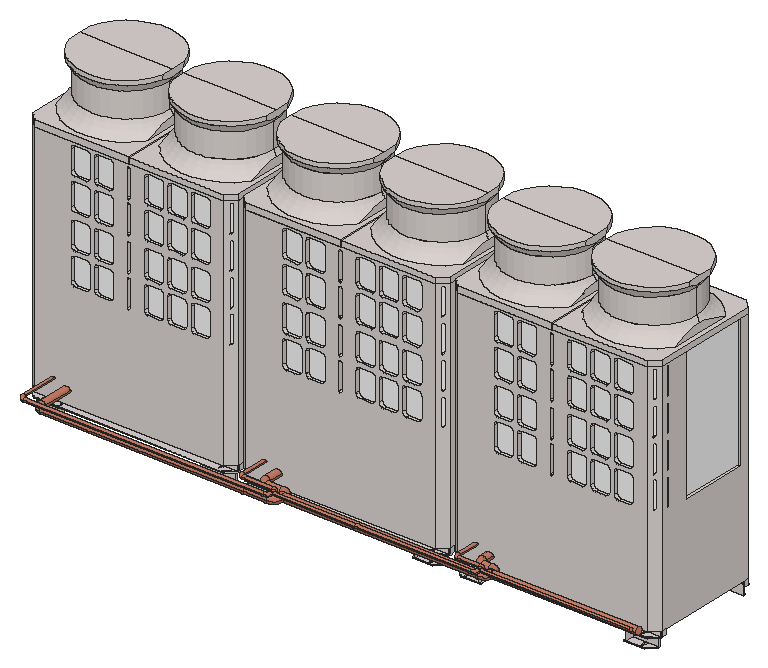
Revit family "PUHY-EP1100YSNW-A1", category 機械設備, Revit 2016
Family settings
  パーツ タイプ = 標準
  丸型コネクタ寸法 = 半径を使用
  OmniClass 番号 = 23.75.00.00
  OmniClass タイトル = Climate Control (HVAC)
  作業面に基づく = いいえ
  常に垂直 = はい
  ロード時にボイドで切り取り = いいえ
  共有 = いいえ
  部屋の計算ポイント = いいえ
Parameters (values of type "PUHY-EP1100YSNW-A1_380V_50Hz")
  Temp. range of cooling (Outdoor temp.) (D.B.) = "-5.0 to 52.0"
  Temp. range of cooling (Indoor temp.) (W.B.) = "15.0 to 24.0"
  Sound Pressure Level (dB(A)) Heating mode = 69
  Sound Pressure Level (dB(A)) Cooling mode = 68.5
  モデル = "PUHY-EP1100YSNW-A1"
  Width = 3780.000 mm
  WarrantyStart = ""
  Voltage = 380 V
  Unit Weight (kg) = 867
  URL = "http://www.mitsubishielectric.com/"
  Temp. range of heating (Outdoor temp.) (W.B.) = "-20.0 to 15.5"
  Temp. range of heating (Indoor temp.) (D.B.) = "15.0 to 27.0"
  TagNumber = 0
  Subcategory = "HVAC"
  Space View = yes
  SerialNumber = 0
  ReplacementYear = ""
  Refrigerant type = "R410A"
  Refrigerant Charge (kg) = 30.4
  Protection Devices_Inverter circuit (COMP./FAN) = "Over-current protection"
  Protection Devices_High pressure (MPa) = "High pressure sensor, High pressure switch at 4.15"
  Phase = 3
  製造元 = "Mitsubishi Electric Corporation"
  Outdoor unit 3 Breaker size (A) = 40
  Outdoor unit 3 = PUHY-EP350YNW-A1 : PUHY-EP350YNW-A1
  Outdoor unit 2 Breaker size (A) = 40
  Outdoor unit 2 = PUHY-EP350YNW-A1 : PUHY-EP350YNW-A1
  Outdoor unit 1 Breaker size (A) = 60
  Outdoor unit 1 = PUHY-EP400YNW-A1 : PUHY-EP400YNW-A1
  Note_1 = "Refrigerant pipe diameters may change depending on the installation condition. Please refer to the installation manual."
  Maximum Circuit Ampacity (A) = 76.4
  Liquid pipe_radius = 9.525 mm
  InstallationDate = ""
  Indoor Unit Total Capacity = "50 to 130% of outdoor unit capacity"
  Indoor Unit Model/Quantity = "P10 to P250/3 to 50"
  Hertz = 50 Hz
  Height = 1858.000 mm
  Heating SCOP (kW/kW) = 4.22
  Heating Rated Load Ampacity (A) = 55.2
  Heating Power Input (kW) = 32.71
  Heating Power Input (Nominal) (kW) = 27.19
  Heating Current Input (Nominal) (A) = 45.9
  Heating Current Input (A) = 55.2
  Heating Capacity (kW) = 140
  Heating Capacity (Nominal) (kW) = 124
  Heating COP (kW/kW) = 4.28
  Heating COP (Nominal) (kW/kW) = 4.56
  Gas pipe_radius = 20.640 mm
  Fan_Type = "Propeller Fan"
  Fan_Quantity = 6
  Fan Motor Output (kW) = 2.76
  External static pressure (Pa) = 0
  External Finish = "Pre-coated galvanized steel sheets (+powder coating for -BS type) <MUNSELL 3Y 7.8/1.1 or similar>"
  Equip_description = ""
  Equip_No. = 0
  Equip_ID = ""
  Description = ""
  Depth = 740.000 mm
  CreatedOn = ""
  CreatedBy = ""
  Cooling SEER (kW/kW) = 6.89
  Cooling Rated Load Ampacity (A) = 55.8
  Cooling Power Input (kW) = 33.06
  Cooling EER (kW/kW) = 3.75
  Cooling Current Input (A) = 55.8
  Cooling Capacity (kW) = 124
  Compressor_Type = "Inverter scroll hermetic compressor"
  Compressor_Quantity = 3
  Compressor_Lubricant = "MEL32"
  Compressor Motor Output (kW) = 25.2
  Category = ""
  Barcode = ""
  AssetIdentifier = ""
  Airflow Rate (m3/min) = 810
  Airflow Rate (m3/h) = 48600
Reference planes
  plane 1 "Center (Front/Back)": y = 0
  plane 2: z = 0
  plane 3 "Center (Left/Right)": x = 0
  plane 4: y = 370
  plane 5 "front": y = -370
  plane 6: x = -1890
  plane 7: x = 1890
  plane 8: x = -620
  plane 9: x = 620
  plane 10: x = -650
  plane 11: x = 650
  plane 12: y = 370
  plane 13: y = -370
  plane 14: z = 1858
  plane 15: x = -1647
  plane 16: x = -1730.603
  plane 17: x = -377
  plane 18: x = -460
  plane 19: x = 893
  plane 20: x = 810
Forms (mm)
  Sweep 1, solid, material "Copper"
    path origin (-51.563, 17.925, 207.255) x (0, -1, 0) y (1, 0, 0)
      loop
        line (380, -1679.039) -> (605, -1679.039)
        arc (605, -1679.039) -> (626.213, -1670.253) -> (635, -1649.039) r 30
        line (635, -1649.039) -> (635, -208.337)
        arc (635, -208.337) -> (629.142, -194.195) -> (615, -188.337) r 20
        line (615, -188.337) -> (590, -188.337)
        arc (590, -188.337) -> (575.858, -194.195) -> (570, -208.337) r 20
        line (570, -208.337) -> (570, -388.437)
        arc (570, -388.437) -> (564.142, -402.579) -> (550, -408.437) r 20
        line (550, -408.437) -> (380, -408.437)
    profile origin (-1730.603, -474.575, 207.255) x (1, 0, 0) y (0, 0, 1)
      loop
        circle (0, 0) r 9.525
  Sweep 2, solid, material "Copper"
    path origin (-48.859, 17.925, 173.255) x (-1, 0, 0) y (0, -1, 0)
      loop
        line (1598.141, 380) -> (1598.141, 575)
        arc (1598.141, 575) -> (1587.889, 599.749) -> (1563.141, 610) r 35
        line (1563.141, 610) -> (342, 610) -> (204.723, 610)
        arc (204.723, 610) -> (179.974, 599.749) -> (169.723, 575) r 35
        line (169.723, 575) -> (169.723, 545)
        arc (169.723, 545) -> (179.974, 520.251) -> (204.723, 510) r 35
        line (204.723, 510) -> (293.141, 510)
        arc (293.141, 510) -> (317.889, 499.749) -> (328.141, 475) r 35
        line (328.141, 475) -> (328.141, 380)
    profile origin (-1647, -459.575, 173.255) x (1, 0, 0) y (0, 0, 1)
      loop
        circle (0, 0) r 20.64
  Sweep 3, solid, material "Copper"
    path origin (214.685, 17.925, 207.255) x (0, -1, 0) y (1, 0, 0)
      loop
        line (605, -448.702) -> (605, 51.298) -> (605, 745.315)
        arc (605, 745.315) -> (599.142, 759.457) -> (585, 765.315) r 20
        line (585, 765.315) -> (560.96, 765.315)
        arc (560.96, 765.315) -> (546.818, 759.457) -> (540.96, 745.315) r 20
        line (540.96, 745.315) -> (540.96, 615.315)
        arc (540.96, 615.315) -> (535.102, 601.172) -> (520.96, 595.315) r 20
        line (520.96, 595.315) -> (380, 595.315)
    profile origin (15.984, -587.075, 207.255) x (0, 1, 0) y (0, 0, 1)
      loop
        circle (0, 0) r 9.525
  Sweep 4, solid, material "Copper"
    path origin (188.125, 17.925, 173.255) x (-1, 0, 0) y (0, -1, 0)
      loop
        line (395.125, 555.96) -> (-784.875, 555.96)
        arc (-784.875, 555.96) -> (-809.623, 545.709) -> (-819.875, 520.96) r 35
        line (-819.875, 520.96) -> (-819.875, 510)
        arc (-819.875, 510) -> (-809.623, 485.251) -> (-784.875, 475) r 35
        line (-784.875, 475) -> (-739.875, 475)
        arc (-739.875, 475) -> (-715.126, 464.749) -> (-704.875, 440) r 35
        line (-704.875, 440) -> (-704.875, 380)
    profile origin (383, -538.035, 173.255) x (0, 1, 0) y (0, 0, 1)
      loop
        circle (0, 0) r 20.64
  Sweep 5, solid, material "Copper"
    path origin (114.685, 17.925, 207.255) x (0, -1, 0) y (1, 0, 0)
      loop
        line (572.806, 870.315) -> (572.806, 1775.315)
    profile origin (1437.5, -554.881, 207.255) x (0, 1, 0) y (0, 0, 1)
      loop
        circle (0, 0) r 9.525
  Sweep 6, solid, material "Copper"
    path origin (88.125, 17.925, 173.255) x (-1, 0, 0) y (0, -1, 0)
      loop
        line (-921.875, 515.995) -> (-1801.875, 515.995)
    profile origin (1450, -498.07, 173.255) x (0, 1, 0) y (0, 0, 1)
      loop
        circle (0, 0) r 20.64
Dimensions and locks
  nested 2 to nested 1 = 30.000 mm
  nested 1 to nested 1 = 1240.000 mm
  nested 2 to nested 2 = 1240.000 mm
  plane 6 to plane 3 "Center (Left/Right)" to plane 7 = 1890.000 mm, 1890.000 mm
  "Liquid pipe_radius": radius of Sweep 5 sketch curve
  "Gas pipe_radius": radius of Sweep 6 sketch curve
  aligned and locked: level to plane 2
Automatic sketch dimensions
  Sweep 1 sketch curve to plane 5 "front" = 7.925 mm  (x2)
  plane 5 "front" to Sweep 1 sketch curve = 162.075 mm
  Sweep 1 sketch curve to plane 3 "Center (Left/Right)" = 259.900 mm
  Sweep 1 sketch curve to Sweep 1 sketch curve = 20.000 mm
  Sweep 1 sketch curve to plane 3 "Center (Left/Right)" = 239.900 mm
  plane 5 "front" to Sweep 1 sketch curve = 217.075 mm
  Sweep 1 sketch curve to Sweep 1 sketch curve = 25.000 mm
  Sweep 1 sketch curve to Sweep 1 sketch curve = 30.000 mm
  Sweep 1 sketch curve to plane 3 "Center (Left/Right)" = 440.000 mm
  profile plane to Sweep 1 sketch curve = 0.000 mm
  Sweep 1 sketch curve to profile plane = 0.000 mm
  Sweep 2 sketch curve to plane 3 "Center (Left/Right)" = 218.582 mm
  Sweep 2 sketch curve to plane 3 "Center (Left/Right)" = 253.582 mm  (x2)
  Sweep 2 sketch curve to plane 3 "Center (Left/Right)" = 342.000 mm
  Sweep 2 sketch curve to plane 3 "Center (Left/Right)" = 390.859 mm
  Sweep 2 sketch curve to Sweep 2 sketch curve = 35.000 mm  (x2)
  plane 5 "front" to Sweep 2 sketch curve = 222.075 mm
  Sweep 2 sketch curve to Sweep 2 sketch curve = 30.000 mm
  Sweep 2 sketch curve to plane 5 "front" = 7.925 mm  (x2)
  profile plane to Sweep 2 sketch curve = 0.000 mm
  Sweep 2 sketch curve to profile plane = 0.000 mm
  Sweep 3 sketch curve to profile plane = 0.000 mm  (x2)
  Sweep 4 sketch curve to profile plane = 0.000 mm  (x2)
  Sweep 1 sketch curve to Sweep 1 sketch curve = 1240.603 mm
  Sweep 2 sketch curve to Sweep 2 sketch curve = 1235.000 mm
  Sweep 3 sketch curve to plane 20 = 0.000 mm
  Sweep 3 sketch curve to plane 5 "front" = 7.925 mm
  plane 20 to Sweep 3 sketch curve = 20.000 mm
  plane 5 "front" to Sweep 3 sketch curve = 133.035 mm
  Sweep 3 sketch curve to Sweep 3 sketch curve = 20.000 mm
  Sweep 3 sketch curve to Sweep 3 sketch curve = 24.040 mm
  plane 5 "front" to Sweep 3 sketch curve = 217.075 mm
  plane 3 "Center (Left/Right)" to Sweep 3 sketch curve = 265.984 mm
  plane 17 to Sweep 3 sketch curve = 142.984 mm
  plane 19 to Sweep 3 sketch curve = 67.000 mm
  Sweep 4 sketch curve to plane 19 = 0.000 mm
  plane 19 to Sweep 4 sketch curve = 35.000 mm
  Sweep 4 sketch curve to Sweep 4 sketch curve = 45.000 mm
  Sweep 4 sketch curve to Sweep 4 sketch curve = 0.000 mm
  Sweep 4 sketch curve to Sweep 4 sketch curve = 35.000 mm
  plane 17 to Sweep 4 sketch curve = 170.000 mm
  Sweep 4 sketch curve to plane 5 "front" = 7.925 mm
  plane 5 "front" to Sweep 4 sketch curve = 52.075 mm
  Sweep 4 sketch curve to Sweep 4 sketch curve = 10.960 mm
  Sweep 6 sketch curve to plane 7 = 0.000 mm
  plane 19 to Sweep 6 sketch curve = 117.000 mm
  plane 5 "front" to Sweep 6 sketch curve = 128.070 mm
  Sweep 5 sketch curve to plane 7 = 0.000 mm
  plane 5 "front" to Sweep 5 sketch curve = 184.881 mm
  plane 19 to Sweep 5 sketch curve = 92.000 mm
  Sweep 5 sketch curve to profile plane = 0.000 mm  (x2)
  Sweep 6 sketch curve to profile plane = 0.000 mm  (x2)
  radius of Sweep 1 sketch curve = 9.525 mm
  radius of Sweep 2 sketch curve = 20.640 mm
  radius of Sweep 3 sketch curve = 9.525 mm
  radius of Sweep 4 sketch curve = 20.640 mm
Nested families
  nested 1: "PUHY-EP350YNW-A1" at (0, 0, 0), type <- "Outdoor unit 2", type "PUHY-EP350YNW-A1"
  nested 2: "PUHY-EP400YNW-A1" at (-1270, 0, 0), type <- "Outdoor unit 1", type "PUHY-EP400YNW-A1"
  nested 3: "PUHY-EP350YNW-A1" at (1270, 0, 0), type "PUHY-EP350YNW-A1"
Connectors
  piping at (1890, -498.07, 173.255), diameter 41.28, driven by "Gas pipe_radius"
    settings: on Sweep 6, index 1, connector inside diameter 41.28 mm, connector length 0.000 mm, flow factor 0, pipe flow 0.0 L/s, pressure drop 0.0 Pa, fitting loss kfactor 0, connector angle 0.00°, fixture units 0, engagement length 0.000 mm, angle of deflection 0.00°, flow configuration 0, flow direction 0, fitting loss method 0, system type 22, joint type 0, gender type 0, connector reference index -1, connector utility 0, adjustable connector no, is connector primary yes, connector description "Indoor unit-Twinning pipe(Gas)"
  piping at (1890, -554.881, 207.255), diameter 19.05, driven by "Liquid pipe_radius"
    settings: on Sweep 5, index 2, connector inside diameter 19.05 mm, connector length 0.000 mm, flow factor 0, pipe flow 0.0 L/s, pressure drop 0.0 Pa, fitting loss kfactor 0, connector angle 0.00°, fixture units 0, engagement length 0.000 mm, angle of deflection 0.00°, flow configuration 0, flow direction 0, fitting loss method 0, system type 22, joint type 0, gender type 0, connector reference index -1, connector utility 0, adjustable connector no, is connector primary no, connector description "Indoor unit-Twinning pipe(Liquid)"
  electrical at (992, -370, 279), driven by "Phase", driven by "Voltage"
    settings: index 3, voltage 380 V, apparent load 0 VA, apparent load phase1 0 VA, apparent load phase2 0 VA, apparent load phase3 0 VA, power factor 1, load classification "HVAC", number of poles 3, system type 30, power factor state 1, is connector primary yes, connector utility no, sub classification motor no, connector description ""
  electrical at (-258, -370, 279), driven by "Phase", driven by "Voltage"
    settings: index 4, voltage 380 V, apparent load 0 VA, apparent load phase1 0 VA, apparent load phase2 0 VA, apparent load phase3 0 VA, power factor 1, load classification "HVAC", number of poles 3, system type 30, power factor state 1, is connector primary no, connector utility no, sub classification motor no, connector description ""
  electrical at (-1508, -370, 279), driven by "Phase", driven by "Voltage"
    settings: index 5, voltage 380 V, apparent load 0 VA, apparent load phase1 0 VA, apparent load phase2 0 VA, apparent load phase3 0 VA, power factor 1, load classification "HVAC", number of poles 3, system type 30, power factor state 1, is connector primary no, connector utility no, sub classification motor no, connector description ""
Definition of nested family "PUHY-EP350YNW-A1"
  Parameters
    Model = "PUHY-P350YNW-A"
    URL = "http://www.mitsubishielectric.com/"
    Manufacturer = "Mitsubishi Electric Corporation"
    Liquid pipe_radius = 12.700 mm
    Gas pipe_radius = 14.290 mm
  Reference planes
    plane 1 "Center (Front/Back)": y = 0
    plane 2: z = 0
    plane 3 "Center (Left/Right)": x = 0
    plane 4: y = 370
    plane 5: z = 1858
    plane 6: y = -260
    plane 7: y = -204
    plane 8: y = -185
    plane 9: x = -620
    plane 10: x = 620
    plane 11: x = -620
    plane 12: z = 716
    plane 13: x = -524
    plane 14: z = 669
    plane 15: x = -50.5
    plane 16: x = 51
    plane 17: x = 489
    plane 18: x = 467
    plane 19 "132": x = 488
    plane 20 "100": z = 160
    plane 21: z = 185
    plane 22: x = 413
    plane 23: x = 364
    plane 24: z = 150
    plane 25: x = -287.25
    plane 26: x = -137.25
    plane 27: x = -272.25
    plane 28: y = -278
    plane 29: z = 1509
    plane 30: y = -370
    plane 31: x = -530
    plane 32: x = 530
    plane 33 "179": y = -191
  Forms (mm)
    Extrusion 1, solid
      sketch origin (-1, 0, 113) x (-1, 0, 0) y (0, -1, 0)
        loop
          line (569, -370) -> (619, -320) -> (619, 320) -> (569, 370) -> (-571, 370) -> (-621, 320) -> (-621, -320) -> (-571, -370) -> (569, -370)
      from -18 to 1408
    Extrusion 2, void
      sketch origin (524, -370, 113) x (1, 0, 0) y (0, 0, -1)
        loop
          arc (-60.8, -1393.5) -> (-42.557, -1385.943) -> (-35, -1367.7) r 25.8
          line (-35, -1367.7) -> (-35, -1248.5)
          arc (-35, -1248.5) -> (-42.557, -1230.257) -> (-60.8, -1222.7) r 25.8
          line (-60.8, -1222.7) -> (-126, -1222.7)
          arc (-126, -1222.7) -> (-144.243, -1230.257) -> (-151.8, -1248.5) r 25.8
          line (-151.8, -1248.5) -> (-151.8, -1367.7)
          arc (-151.8, -1367.7) -> (-144.243, -1385.943) -> (-126, -1393.5) r 25.8
          line (-126, -1393.5) -> (-60.8, -1393.5)
      from 0 to 20
    Extrusion 3, void
      sketch origin (524, -370, -81) x (1, 0, 0) y (0, 0, -1)
        loop
          arc (-60.8, -1393.5) -> (-42.557, -1385.943) -> (-35, -1367.7) r 25.8
          line (-35, -1367.7) -> (-35, -1248.5)
          arc (-35, -1248.5) -> (-42.557, -1230.257) -> (-60.8, -1222.7) r 25.8
          line (-60.8, -1222.7) -> (-126, -1222.7)
          arc (-126, -1222.7) -> (-144.243, -1230.257) -> (-151.8, -1248.5) r 25.8
          line (-151.8, -1248.5) -> (-151.8, -1367.7)
          arc (-151.8, -1367.7) -> (-144.243, -1385.943) -> (-126, -1393.5) r 25.8
          line (-126, -1393.5) -> (-60.8, -1393.5)
      from 0 to 20
    Extrusion 4, void
      sketch origin (524, -370, -287) x (1, 0, 0) y (0, 0, -1)
        loop
          arc (-60.8, -1393.5) -> (-42.557, -1385.943) -> (-35, -1367.7) r 25.8
          line (-35, -1367.7) -> (-35, -1248.5)
          arc (-35, -1248.5) -> (-42.557, -1230.257) -> (-60.8, -1222.7) r 25.8
          line (-60.8, -1222.7) -> (-126, -1222.7)
          arc (-126, -1222.7) -> (-144.243, -1230.257) -> (-151.8, -1248.5) r 25.8
          line (-151.8, -1248.5) -> (-151.8, -1367.7)
          arc (-151.8, -1367.7) -> (-144.243, -1385.943) -> (-126, -1393.5) r 25.8
          line (-126, -1393.5) -> (-60.8, -1393.5)
      from 0 to 20
    Extrusion 5, void
      sketch origin (524, -370, -481) x (1, 0, 0) y (0, 0, -1)
        loop
          arc (-60.8, -1393.5) -> (-42.557, -1385.943) -> (-35, -1367.7) r 25.8
          line (-35, -1367.7) -> (-35, -1248.5)
          arc (-35, -1248.5) -> (-42.557, -1230.257) -> (-60.8, -1222.7) r 25.8
          line (-60.8, -1222.7) -> (-126, -1222.7)
          arc (-126, -1222.7) -> (-144.243, -1230.257) -> (-151.8, -1248.5) r 25.8
          line (-151.8, -1248.5) -> (-151.8, -1367.7)
          arc (-151.8, -1367.7) -> (-144.243, -1385.943) -> (-126, -1393.5) r 25.8
          line (-126, -1393.5) -> (-60.8, -1393.5)
      from 0 to 20
    Extrusion 6, void
      sketch origin (384, -370, 113) x (1, 0, 0) y (0, 0, -1)
        loop
          arc (-60.8, -1393.5) -> (-42.557, -1385.943) -> (-35, -1367.7) r 25.8
          line (-35, -1367.7) -> (-35, -1248.5)
          arc (-35, -1248.5) -> (-42.557, -1230.257) -> (-60.8, -1222.7) r 25.8
          line (-60.8, -1222.7) -> (-126, -1222.7)
          arc (-126, -1222.7) -> (-144.243, -1230.257) -> (-151.8, -1248.5) r 25.8
          line (-151.8, -1248.5) -> (-151.8, -1367.7)
          arc (-151.8, -1367.7) -> (-144.243, -1385.943) -> (-126, -1393.5) r 25.8
          line (-126, -1393.5) -> (-60.8, -1393.5)
      from 0 to 20
    Extrusion 7, void
      sketch origin (384, -370, -81) x (1, 0, 0) y (0, 0, -1)
        loop
          arc (-60.8, -1393.5) -> (-42.557, -1385.943) -> (-35, -1367.7) r 25.8
          line (-35, -1367.7) -> (-35, -1248.5)
          arc (-35, -1248.5) -> (-42.557, -1230.257) -> (-60.8, -1222.7) r 25.8
          line (-60.8, -1222.7) -> (-126, -1222.7)
          arc (-126, -1222.7) -> (-144.243, -1230.257) -> (-151.8, -1248.5) r 25.8
          line (-151.8, -1248.5) -> (-151.8, -1367.7)
          arc (-151.8, -1367.7) -> (-144.243, -1385.943) -> (-126, -1393.5) r 25.8
          line (-126, -1393.5) -> (-60.8, -1393.5)
      from 0 to 20
    Extrusion 8, void
      sketch origin (384, -370, -287) x (1, 0, 0) y (0, 0, -1)
        loop
          arc (-60.8, -1393.5) -> (-42.557, -1385.943) -> (-35, -1367.7) r 25.8
          line (-35, -1367.7) -> (-35, -1248.5)
          arc (-35, -1248.5) -> (-42.557, -1230.257) -> (-60.8, -1222.7) r 25.8
          line (-60.8, -1222.7) -> (-126, -1222.7)
          arc (-126, -1222.7) -> (-144.243, -1230.257) -> (-151.8, -1248.5) r 25.8
          line (-151.8, -1248.5) -> (-151.8, -1367.7)
          arc (-151.8, -1367.7) -> (-144.243, -1385.943) -> (-126, -1393.5) r 25.8
          line (-126, -1393.5) -> (-60.8, -1393.5)
      from 0 to 20
    Extrusion 9, void
      sketch origin (384, -370, -481) x (1, 0, 0) y (0, 0, -1)
        loop
          arc (-60.8, -1393.5) -> (-42.557, -1385.943) -> (-35, -1367.7) r 25.8
          line (-35, -1367.7) -> (-35, -1248.5)
          arc (-35, -1248.5) -> (-42.557, -1230.257) -> (-60.8, -1222.7) r 25.8
          line (-60.8, -1222.7) -> (-126, -1222.7)
          arc (-126, -1222.7) -> (-144.243, -1230.257) -> (-151.8, -1248.5) r 25.8
          line (-151.8, -1248.5) -> (-151.8, -1367.7)
          arc (-151.8, -1367.7) -> (-144.243, -1385.943) -> (-126, -1393.5) r 25.8
          line (-126, -1393.5) -> (-60.8, -1393.5)
      from 0 to 20
    Extrusion 10, void
      sketch origin (244, -370, 113) x (1, 0, 0) y (0, 0, -1)
        loop
          arc (-60.8, -1393.5) -> (-42.557, -1385.943) -> (-35, -1367.7) r 25.8
          line (-35, -1367.7) -> (-35, -1248.5)
          arc (-35, -1248.5) -> (-42.557, -1230.257) -> (-60.8, -1222.7) r 25.8
          line (-60.8, -1222.7) -> (-126, -1222.7)
          arc (-126, -1222.7) -> (-144.243, -1230.257) -> (-151.8, -1248.5) r 25.8
          line (-151.8, -1248.5) -> (-151.8, -1367.7)
          arc (-151.8, -1367.7) -> (-144.243, -1385.943) -> (-126, -1393.5) r 25.8
          line (-126, -1393.5) -> (-60.8, -1393.5)
      from 0 to 20
    Extrusion 11, void
      sketch origin (244, -370, -81) x (1, 0, 0) y (0, 0, -1)
        loop
          arc (-60.8, -1393.5) -> (-42.557, -1385.943) -> (-35, -1367.7) r 25.8
          line (-35, -1367.7) -> (-35, -1248.5)
          arc (-35, -1248.5) -> (-42.557, -1230.257) -> (-60.8, -1222.7) r 25.8
          line (-60.8, -1222.7) -> (-126, -1222.7)
          arc (-126, -1222.7) -> (-144.243, -1230.257) -> (-151.8, -1248.5) r 25.8
          line (-151.8, -1248.5) -> (-151.8, -1367.7)
          arc (-151.8, -1367.7) -> (-144.243, -1385.943) -> (-126, -1393.5) r 25.8
          line (-126, -1393.5) -> (-60.8, -1393.5)
      from 0 to 20
    Extrusion 12, void
      sketch origin (244, -370, -287) x (1, 0, 0) y (0, 0, -1)
        loop
          arc (-60.8, -1393.5) -> (-42.557, -1385.943) -> (-35, -1367.7) r 25.8
          line (-35, -1367.7) -> (-35, -1248.5)
          arc (-35, -1248.5) -> (-42.557, -1230.257) -> (-60.8, -1222.7) r 25.8
          line (-60.8, -1222.7) -> (-126, -1222.7)
          arc (-126, -1222.7) -> (-144.243, -1230.257) -> (-151.8, -1248.5) r 25.8
          line (-151.8, -1248.5) -> (-151.8, -1367.7)
          arc (-151.8, -1367.7) -> (-144.243, -1385.943) -> (-126, -1393.5) r 25.8
          line (-126, -1393.5) -> (-60.8, -1393.5)
      from 0 to 20
    Extrusion 13, void
      sketch origin (244, -370, -481) x (1, 0, 0) y (0, 0, -1)
        loop
          arc (-60.8, -1393.5) -> (-42.557, -1385.943) -> (-35, -1367.7) r 25.8
          line (-35, -1367.7) -> (-35, -1248.5)
          arc (-35, -1248.5) -> (-42.557, -1230.257) -> (-60.8, -1222.7) r 25.8
          line (-60.8, -1222.7) -> (-126, -1222.7)
          arc (-126, -1222.7) -> (-144.243, -1230.257) -> (-151.8, -1248.5) r 25.8
          line (-151.8, -1248.5) -> (-151.8, -1367.7)
          arc (-151.8, -1367.7) -> (-144.243, -1385.943) -> (-126, -1393.5) r 25.8
          line (-126, -1393.5) -> (-60.8, -1393.5)
      from 0 to 20
    Extrusion 14, void
      sketch origin (-56, -370, 113) x (1, 0, 0) y (0, 0, -1)
        loop
          arc (-60.8, -1393.5) -> (-42.557, -1385.943) -> (-35, -1367.7) r 25.8
          line (-35, -1367.7) -> (-35, -1248.5)
          arc (-35, -1248.5) -> (-42.557, -1230.257) -> (-60.8, -1222.7) r 25.8
          line (-60.8, -1222.7) -> (-126, -1222.7)
          arc (-126, -1222.7) -> (-144.243, -1230.257) -> (-151.8, -1248.5) r 25.8
          line (-151.8, -1248.5) -> (-151.8, -1367.7)
          arc (-151.8, -1367.7) -> (-144.243, -1385.943) -> (-126, -1393.5) r 25.8
          line (-126, -1393.5) -> (-60.8, -1393.5)
      from 0 to 20
    Extrusion 15, void
      sketch origin (-56, -370, -81) x (1, 0, 0) y (0, 0, -1)
        loop
          arc (-60.8, -1393.5) -> (-42.557, -1385.943) -> (-35, -1367.7) r 25.8
          line (-35, -1367.7) -> (-35, -1248.5)
          arc (-35, -1248.5) -> (-42.557, -1230.257) -> (-60.8, -1222.7) r 25.8
          line (-60.8, -1222.7) -> (-126, -1222.7)
          arc (-126, -1222.7) -> (-144.243, -1230.257) -> (-151.8, -1248.5) r 25.8
          line (-151.8, -1248.5) -> (-151.8, -1367.7)
          arc (-151.8, -1367.7) -> (-144.243, -1385.943) -> (-126, -1393.5) r 25.8
          line (-126, -1393.5) -> (-60.8, -1393.5)
      from 0 to 20
    Extrusion 16, void
      sketch origin (-56, -370, -287) x (1, 0, 0) y (0, 0, -1)
        loop
          arc (-60.8, -1393.5) -> (-42.557, -1385.943) -> (-35, -1367.7) r 25.8
          line (-35, -1367.7) -> (-35, -1248.5)
          arc (-35, -1248.5) -> (-42.557, -1230.257) -> (-60.8, -1222.7) r 25.8
          line (-60.8, -1222.7) -> (-126, -1222.7)
          arc (-126, -1222.7) -> (-144.243, -1230.257) -> (-151.8, -1248.5) r 25.8
          line (-151.8, -1248.5) -> (-151.8, -1367.7)
          arc (-151.8, -1367.7) -> (-144.243, -1385.943) -> (-126, -1393.5) r 25.8
          line (-126, -1393.5) -> (-60.8, -1393.5)
      from 0 to 20
    Extrusion 17, void
      sketch origin (-56, -370, -481) x (1, 0, 0) y (0, 0, -1)
        loop
          arc (-60.8, -1393.5) -> (-42.557, -1385.943) -> (-35, -1367.7) r 25.8
          line (-35, -1367.7) -> (-35, -1248.5)
          arc (-35, -1248.5) -> (-42.557, -1230.257) -> (-60.8, -1222.7) r 25.8
          line (-60.8, -1222.7) -> (-126, -1222.7)
          arc (-126, -1222.7) -> (-144.243, -1230.257) -> (-151.8, -1248.5) r 25.8
          line (-151.8, -1248.5) -> (-151.8, -1367.7)
          arc (-151.8, -1367.7) -> (-144.243, -1385.943) -> (-126, -1393.5) r 25.8
          line (-126, -1393.5) -> (-60.8, -1393.5)
      from 0 to 20
    Extrusion 18, void
      sketch origin (-196, -370, 113) x (1, 0, 0) y (0, 0, -1)
        loop
          arc (-60.8, -1393.5) -> (-42.557, -1385.943) -> (-35, -1367.7) r 25.8
          line (-35, -1367.7) -> (-35, -1248.5)
          arc (-35, -1248.5) -> (-42.557, -1230.257) -> (-60.8, -1222.7) r 25.8
          line (-60.8, -1222.7) -> (-126, -1222.7)
          arc (-126, -1222.7) -> (-144.243, -1230.257) -> (-151.8, -1248.5) r 25.8
          line (-151.8, -1248.5) -> (-151.8, -1367.7)
          arc (-151.8, -1367.7) -> (-144.243, -1385.943) -> (-126, -1393.5) r 25.8
          line (-126, -1393.5) -> (-60.8, -1393.5)
      from 0 to 20
    Extrusion 19, void
      sketch origin (-196, -370, -81) x (1, 0, 0) y (0, 0, -1)
        loop
          arc (-60.8, -1393.5) -> (-42.557, -1385.943) -> (-35, -1367.7) r 25.8
          line (-35, -1367.7) -> (-35, -1248.5)
          arc (-35, -1248.5) -> (-42.557, -1230.257) -> (-60.8, -1222.7) r 25.8
          line (-60.8, -1222.7) -> (-126, -1222.7)
          arc (-126, -1222.7) -> (-144.243, -1230.257) -> (-151.8, -1248.5) r 25.8
          line (-151.8, -1248.5) -> (-151.8, -1367.7)
          arc (-151.8, -1367.7) -> (-144.243, -1385.943) -> (-126, -1393.5) r 25.8
          line (-126, -1393.5) -> (-60.8, -1393.5)
      from 0 to 20
    Extrusion 20, void
      sketch origin (-196, -370, -287) x (1, 0, 0) y (0, 0, -1)
        loop
          arc (-60.8, -1393.5) -> (-42.557, -1385.943) -> (-35, -1367.7) r 25.8
          line (-35, -1367.7) -> (-35, -1248.5)
          arc (-35, -1248.5) -> (-42.557, -1230.257) -> (-60.8, -1222.7) r 25.8
          line (-60.8, -1222.7) -> (-126, -1222.7)
          arc (-126, -1222.7) -> (-144.243, -1230.257) -> (-151.8, -1248.5) r 25.8
          line (-151.8, -1248.5) -> (-151.8, -1367.7)
          arc (-151.8, -1367.7) -> (-144.243, -1385.943) -> (-126, -1393.5) r 25.8
          line (-126, -1393.5) -> (-60.8, -1393.5)
      from 0 to 20
    Extrusion 21, void
      sketch origin (-196, -370, -481) x (1, 0, 0) y (0, 0, -1)
        loop
          arc (-60.8, -1393.5) -> (-42.557, -1385.943) -> (-35, -1367.7) r 25.8
          line (-35, -1367.7) -> (-35, -1248.5)
          arc (-35, -1248.5) -> (-42.557, -1230.257) -> (-60.8, -1222.7) r 25.8
          line (-60.8, -1222.7) -> (-126, -1222.7)
          arc (-126, -1222.7) -> (-144.243, -1230.257) -> (-151.8, -1248.5) r 25.8
          line (-151.8, -1248.5) -> (-151.8, -1367.7)
          arc (-151.8, -1367.7) -> (-144.243, -1385.943) -> (-126, -1393.5) r 25.8
          line (-126, -1393.5) -> (-60.8, -1393.5)
      from 0 to 20
    Extrusion 22, void
      sketch origin (620, 320, 113) x (0, 1, 0) y (0, 0, -1)
        loop
          line (-462.3, -1408) -> (-50.8, -1408) -> (-50.8, -612) -> (-462.3, -612) -> (-462.3, -1408)
      from 0 to 20
    Extrusion 23, void
      sketch origin (-620, -320, 113) x (0, -1, 0) y (0, 0, -1)
        loop
          line (-535.7, -1408) -> (-207.7, -1408) -> (-207.7, -592) -> (-535.7, -592) -> (-535.7, -1408)
      from 0 to 20
    Extrusion 24, void
      sketch origin (194.892, 370, 113) x (-1, 0, 0) y (0, 0, -1)
        loop
          arc (204.892, -1225.013) -> (194.892, -1215.013) -> (184.892, -1225.013) r 10
          line (184.892, -1225.013) -> (184.892, -1379.987)
          arc (184.892, -1379.987) -> (194.892, -1389.987) -> (204.892, -1379.987) r 10
          line (204.892, -1379.987) -> (204.892, -1225.013)
        loop
          arc (204.892, -1031.013) -> (194.892, -1021.013) -> (184.892, -1031.013) r 10
          line (184.892, -1031.013) -> (184.892, -1185.987)
          arc (184.892, -1185.987) -> (194.892, -1195.987) -> (204.892, -1185.987) r 10
          line (204.892, -1185.987) -> (204.892, -1031.013)
        loop
          arc (204.892, -825.013) -> (194.892, -815.013) -> (184.892, -825.013) r 10
          line (184.892, -825.013) -> (184.892, -979.987)
          arc (184.892, -979.987) -> (194.892, -989.987) -> (204.892, -979.987) r 10
          line (204.892, -979.987) -> (204.892, -825.013)
        loop
          arc (204.892, -631.013) -> (194.892, -621.013) -> (184.892, -631.013) r 10
          line (184.892, -631.013) -> (184.892, -785.987)
          arc (184.892, -785.987) -> (194.892, -795.987) -> (204.892, -785.987) r 10
          line (204.892, -785.987) -> (204.892, -631.013)
      from 0 to 20
    Extrusion 25, void
      sketch origin (-570, 370, 113) x (0.707107, 0.707107, 0) y (0, 0, 1)
        loop
          arc (-45.355, 1236) -> (-35.355, 1226) -> (-25.355, 1236) r 10
          line (-25.355, 1236) -> (-25.355, 1386)
          arc (-25.355, 1386) -> (-35.355, 1396) -> (-45.355, 1386) r 10
          line (-45.355, 1386) -> (-45.355, 1236)
        loop
          arc (-45.355, 1036) -> (-35.355, 1026) -> (-25.355, 1036) r 10
          line (-25.355, 1036) -> (-25.355, 1186)
          arc (-25.355, 1186) -> (-35.355, 1196) -> (-45.355, 1186) r 10
          line (-45.355, 1186) -> (-45.355, 1036)
        loop
          arc (-45.355, 836) -> (-35.355, 826) -> (-25.355, 836) r 10
          line (-25.355, 836) -> (-25.355, 986)
          arc (-25.355, 986) -> (-35.355, 996) -> (-45.355, 986) r 10
          line (-45.355, 986) -> (-45.355, 836)
        loop
          arc (-45.355, 641) -> (-35.355, 631) -> (-25.355, 641) r 10
          line (-25.355, 641) -> (-25.355, 791)
          arc (-25.355, 791) -> (-35.355, 801) -> (-45.355, 791) r 10
          line (-45.355, 791) -> (-45.355, 641)
      from 0 to 20
    Extrusion 26, void
      sketch origin (-620, -320, 113) x (0, -1, 0) y (0, 0, -1)
        loop
          line (-607.846, -1035.895) -> (-607.846, -1186.105)
          arc (-607.846, -1186.105) -> (-597.846, -1196.105) -> (-587.846, -1186.105) r 10
          line (-587.846, -1186.105) -> (-587.846, -1035.895)
          arc (-587.846, -1035.895) -> (-597.846, -1025.895) -> (-607.846, -1035.895) r 10
        loop
          line (-607.846, -835.895) -> (-607.846, -986.105)
          arc (-607.846, -986.105) -> (-597.846, -996.105) -> (-587.846, -986.105) r 10
          line (-587.846, -986.105) -> (-587.846, -835.895)
          arc (-587.846, -835.895) -> (-597.846, -825.895) -> (-607.846, -835.895) r 10
        loop
          line (-607.846, -1235.895) -> (-607.846, -1386.105)
          arc (-607.846, -1386.105) -> (-597.846, -1396.105) -> (-587.846, -1386.105) r 10
          line (-587.846, -1386.105) -> (-587.846, -1235.895)
          arc (-587.846, -1235.895) -> (-597.846, -1225.895) -> (-607.846, -1235.895) r 10
        loop
          line (-607.846, -635.895) -> (-607.846, -786.105)
          arc (-607.846, -786.105) -> (-597.846, -796.105) -> (-587.846, -786.105) r 10
          line (-587.846, -786.105) -> (-587.846, -635.895)
          arc (-587.846, -635.895) -> (-597.846, -625.895) -> (-607.846, -635.895) r 10
      from 0 to 20
    Extrusion 27, void
      sketch origin (1079, -370, 113) x (1, 0, 0) y (0, 0, -1)
        loop
          arc (-1089, -1379.975) -> (-1079, -1389.975) -> (-1069, -1379.975) r 10
          line (-1069, -1379.975) -> (-1069, -1225)
          arc (-1069, -1225) -> (-1079, -1215) -> (-1089, -1225) r 10
          line (-1089, -1225) -> (-1089, -1379.975)
        loop
          arc (-1089, -1185.975) -> (-1079, -1195.975) -> (-1069, -1185.975) r 10
          line (-1069, -1185.975) -> (-1069, -1031)
          arc (-1069, -1031) -> (-1079, -1021) -> (-1089, -1031) r 10
          line (-1089, -1031) -> (-1089, -1185.975)
        loop
          arc (-1089, -979.975) -> (-1079, -989.975) -> (-1069, -979.975) r 10
          line (-1069, -979.975) -> (-1069, -825)
          arc (-1069, -825) -> (-1079, -815) -> (-1089, -825) r 10
          line (-1089, -825) -> (-1089, -979.975)
        loop
          arc (-1089, -785.975) -> (-1079, -795.975) -> (-1069, -785.975) r 10
          line (-1069, -785.975) -> (-1069, -631)
          arc (-1069, -631) -> (-1079, -621) -> (-1089, -631) r 10
          line (-1089, -631) -> (-1089, -785.975)
      from 0 to 20
    Extrusion 28, void
      sketch origin (-571, 370, 113) x (-1, 0, 0) y (0, 0, -1)
        loop
          line (-519.5, -1408) -> (-48, -1408) -> (-48, -556) -> (-519.5, -556) -> (-519.5, -1408)
      from 0 to 20
    Extrusion 29, void
      sketch origin (-571, 370, 113) x (-1, 0, 0) y (0, 0, -1)
        loop
          line (-1038, -1408) -> (-622, -1408) -> (-622, -556) -> (-1038, -556) -> (-1038, -1408)
      from 0 to 20
    Extrusion 30, void
      sketch origin (620, 320, 113) x (0, 1, 0) y (0, 0, -1)
        loop
          arc (-588, -1035.791) -> (-598, -1025.791) -> (-608, -1035.791) r 10
          line (-608, -1035.791) -> (-608, -1186)
          arc (-608, -1186) -> (-598, -1196) -> (-588, -1186) r 10
          line (-588, -1186) -> (-588, -1035.791)
        loop
          arc (-588, -835.791) -> (-598, -825.791) -> (-608, -835.791) r 10
          line (-608, -835.791) -> (-608, -986)
          arc (-608, -986) -> (-598, -996) -> (-588, -986) r 10
          line (-588, -986) -> (-588, -835.791)
        loop
          arc (-588, -1235.791) -> (-598, -1225.791) -> (-608, -1235.791) r 10
          line (-608, -1235.791) -> (-608, -1386)
          arc (-608, -1386) -> (-598, -1396) -> (-588, -1386) r 10
          line (-588, -1386) -> (-588, -1235.791)
        loop
          arc (-588, -635.791) -> (-598, -625.791) -> (-608, -635.791) r 10
          line (-608, -635.791) -> (-608, -786)
          arc (-608, -786) -> (-598, -796) -> (-588, -786) r 10
          line (-588, -786) -> (-588, -635.791)
      from 0 to 20
    Extrusion 31, void
      sketch origin (1291.751, 351.751, 113) x (0.707107, 0.707107, 0) y (0, 0, -1)
        loop
          line (-995.311, -1236) -> (-995.311, -1386)
          arc (-995.311, -1386) -> (-985.311, -1396) -> (-975.311, -1386) r 10
          line (-975.311, -1386) -> (-975.311, -1236)
          arc (-975.311, -1236) -> (-985.311, -1226) -> (-995.311, -1236) r 10
        loop
          line (-995.311, -1036) -> (-995.311, -1186)
          arc (-995.311, -1186) -> (-985.311, -1196) -> (-975.311, -1186) r 10
          line (-975.311, -1186) -> (-975.311, -1036)
          arc (-975.311, -1036) -> (-985.311, -1026) -> (-995.311, -1036) r 10
        loop
          line (-995.311, -836) -> (-995.311, -986)
          arc (-995.311, -986) -> (-985.311, -996) -> (-975.311, -986) r 10
          line (-975.311, -986) -> (-975.311, -836)
          arc (-975.311, -836) -> (-985.311, -826) -> (-995.311, -836) r 10
        loop
          line (-995.311, -641) -> (-995.311, -791)
          arc (-995.311, -791) -> (-985.311, -801) -> (-975.311, -791) r 10
          line (-975.311, -791) -> (-975.311, -641)
          arc (-975.311, -641) -> (-985.311, -631) -> (-995.311, -641) r 10
      from 0 to 20
    Extrusion 32, void
      sketch origin (0, -191, 0) x (-1, 0, 0) y (0, 0, 1)
        loop
          circle (460, 176) r 6.35
      from 0 to 78.7
    Extrusion 33, void
      sketch origin (0, -191, 0) x (-1, 0, 0) y (0, 0, 1)
        loop
          circle (377, 176) r 14.29
      from 0 to 78.7
  Cuts and joins
    Extrusion 2, Extrusion 3, Extrusion 4, Extrusion 5, Extrusion 6, Extrusion 7, Extrusion 8, Extrusion 9, Extrusion 10, Extrusion 11, Extrusion 12, Extrusion 13, Extrusion 14, Extrusion 15, Extrusion 16, Extrusion 17, Extrusion 18, Extrusion 19, Extrusion 20, Extrusion 21, Extrusion 22, Extrusion 23, Extrusion 24, Extrusion 25, Extrusion 26, Extrusion 27, Extrusion 28, Extrusion 29, Extrusion 30, Extrusion 31, Extrusion 32, Extrusion 33 cuts Extrusion 1
  Lines and regions (mm)
    model lines
      curve 1: line (-351, -291, 95) -> (-481, -291, 95)
      curve 2: line (-342, -206, 95) -> (-342, -282, 95)
      curve 3: line (-481, -197, 95) -> (-351, -197, 95)
      curve 4: line (-492, -280, 95) -> (-492, -208, 95)
      curve 5: arc (-492, -280, 95) -> (-488.778, -287.778, 95) -> (-481, -291, 95) r 11
      curve 6: arc (-351, -291, 95) -> (-344.636, -288.364, 95) -> (-342, -282, 95) r 9
      curve 7: arc (-342, -206, 95) -> (-344.636, -199.636, 95) -> (-351, -197, 95) r 9
      curve 8: arc (-481, -197, 95) -> (-488.778, -200.222, 95) -> (-492, -208, 95) r 11
      curve 9: line (-30, -370, 1521) -> (-30, -370, 95)
      curve 10: line (30, -370, 1521) -> (30, -370, 95)
      curve 11: line (-485, -370, 215) -> (-357, -370, 215)
      curve 12: line (-495, -370, 141) -> (-495, -370, 205)
      curve 13: line (-357, -370, 131) -> (-485, -370, 131)
      curve 14: line (-347, -370, 205) -> (-347, -370, 141)
      curve 15: arc (-485, -370, 215) -> (-492.071, -370, 212.071) -> (-495, -370, 205) r 10
      curve 16: arc (-495, -370, 141) -> (-492.071, -370, 133.929) -> (-485, -370, 131) r 10
      curve 17: arc (-357, -370, 131) -> (-349.929, -370, 133.929) -> (-347, -370, 141) r 10
      curve 18: arc (-347, -370, 205) -> (-349.929, -370, 212.071) -> (-357, -370, 215) r 10
      curve 19: line (-405, -370, 1521) -> (-405, -370, 716)
      curve 20: line (620, -162.3, 1521) -> (620, -162.3, 95)
      curve 21: line (620, 289.2, 1521) -> (620, 289.2, 95)
      curve 22: line (620, -162.3, 705) -> (620, 289.2, 705)
      curve 23: line (620, -162.3, 725) -> (620, 289.2, 725)
      curve 24: line (620, -76.8, 583) -> (620, 203.2, 583)
      curve 25: line (620, 203.2, 563) -> (620, -76.8, 563)
      curve 26: arc (620, -76.8, 583) -> (620, -83.871, 580.071) -> (620, -86.8, 573) r 10
      curve 27: arc (620, -76.8, 563) -> (620, -83.871, 565.929) -> (620, -86.8, 573) r 10
      curve 28: arc (620, 203.2, 583) -> (620, 210.271, 580.071) -> (620, 213.2, 573) r 10
      curve 29: arc (620, 203.2, 563) -> (620, 210.271, 565.929) -> (620, 213.2, 573) r 10
      curve 30: line (620, -76.8, 478) -> (620, 203.2, 478)
      curve 31: line (620, 203.2, 458) -> (620, -76.8, 458)
      curve 32: arc (620, -76.8, 478) -> (620, -83.871, 475.071) -> (620, -86.8, 468) r 10
      curve 33: arc (620, -76.8, 458) -> (620, -83.871, 460.929) -> (620, -86.8, 468) r 10
      curve 34: arc (620, 203.2, 478) -> (620, 210.271, 475.071) -> (620, 213.2, 468) r 10
      curve 35: arc (620, 203.2, 458) -> (620, 210.271, 460.929) -> (620, 213.2, 468) r 10
      curve 36: line (620, -76.8, 373) -> (620, 203.2, 373)
      curve 37: line (620, 203.2, 353) -> (620, -76.8, 353)
      curve 38: arc (620, -76.8, 373) -> (620, -83.871, 370.071) -> (620, -86.8, 363) r 10
      curve 39: arc (620, -76.8, 353) -> (620, -83.871, 355.929) -> (620, -86.8, 363) r 10
      curve 40: arc (620, 203.2, 373) -> (620, 210.271, 370.071) -> (620, 213.2, 363) r 10
      curve 41: arc (620, 203.2, 353) -> (620, 210.271, 355.929) -> (620, 213.2, 363) r 10
      curve 42: line (620, -76.8, 268) -> (620, 203.2, 268)
      curve 43: line (620, 203.2, 248) -> (620, -76.8, 248)
      curve 44: arc (620, -76.8, 268) -> (620, -83.871, 265.071) -> (620, -86.8, 258) r 10
      curve 45: arc (620, -76.8, 248) -> (620, -83.871, 250.929) -> (620, -86.8, 258) r 10
      curve 46: arc (620, 203.2, 268) -> (620, 210.271, 265.071) -> (620, 213.2, 258) r 10
      curve 47: arc (620, 203.2, 248) -> (620, 210.271, 250.929) -> (620, 213.2, 258) r 10
      curve 48: line (-620, -162.3, 1521) -> (-620, -162.3, 95)
      curve 49: line (-620, 235.7, 1521) -> (-620, 235.7, 95)
      curve 50: line (-620, -112.3, 1521) -> (-620, -112.3, 705)
      curve 51: line (-620, 215.7, 1521) -> (-620, 215.7, 705)
      curve 52: line (-620, 235.7, 705) -> (-620, -162.3, 705)
      curve 53: line (-620, 176.7, 268) -> (-620, -103.3, 268)
      curve 54: line (-620, -103.3, 248) -> (-620, 176.7, 248)
      curve 55: arc (-620, 186.7, 258) -> (-620, 183.771, 265.071) -> (-620, 176.7, 268) r 10
      curve 56: arc (-620, 176.7, 248) -> (-620, 183.771, 250.929) -> (-620, 186.7, 258) r 10
      curve 57: arc (-620, -103.3, 268) -> (-620, -110.371, 265.071) -> (-620, -113.3, 258) r 10
      curve 58: arc (-620, -113.3, 258) -> (-620, -110.371, 250.929) -> (-620, -103.3, 248) r 10
      curve 59: line (-620, 176.7, 373) -> (-620, -103.3, 373)
      curve 60: line (-620, -103.3, 353) -> (-620, 176.7, 353)
      curve 61: arc (-620, 186.7, 363) -> (-620, 183.771, 370.071) -> (-620, 176.7, 373) r 10
      curve 62: arc (-620, 176.7, 353) -> (-620, 183.771, 355.929) -> (-620, 186.7, 363) r 10
      curve 63: arc (-620, -103.3, 373) -> (-620, -110.371, 370.071) -> (-620, -113.3, 363) r 10
      curve 64: arc (-620, -113.3, 363) -> (-620, -110.371, 355.929) -> (-620, -103.3, 353) r 10
      curve 65: line (-620, 176.7, 478) -> (-620, -103.3, 478)
      curve 66: line (-620, -103.3, 458) -> (-620, 176.7, 458)
      curve 67: arc (-620, 186.7, 468) -> (-620, 183.771, 475.071) -> (-620, 176.7, 478) r 10
      curve 68: arc (-620, 176.7, 458) -> (-620, 183.771, 460.929) -> (-620, 186.7, 468) r 10
      curve 69: arc (-620, -103.3, 478) -> (-620, -110.371, 475.071) -> (-620, -113.3, 468) r 10
      curve 70: arc (-620, -113.3, 468) -> (-620, -110.371, 460.929) -> (-620, -103.3, 458) r 10
      curve 71: line (-620, 176.7, 583) -> (-620, -103.3, 583)
      curve 72: line (-620, -103.3, 563) -> (-620, 176.7, 563)
      curve 73: arc (-620, 186.7, 573) -> (-620, 183.771, 580.071) -> (-620, 176.7, 583) r 10
      curve 74: arc (-620, 176.7, 563) -> (-620, 183.771, 565.929) -> (-620, 186.7, 573) r 10
      curve 75: arc (-620, -103.3, 583) -> (-620, -110.371, 580.071) -> (-620, -113.3, 573) r 10
      curve 76: arc (-620, -113.3, 573) -> (-620, -110.371, 565.929) -> (-620, -103.3, 563) r 10
      curve 77: line (-544, 370, 1521) -> (-544, 370, 95)
      curve 78: line (489, 370, 649) -> (30, 370, 649)
      curve 79: line (-30.5, 370, 649) -> (-544, 370, 649)
      curve 80: line (-147.25, 370, 584) -> (-427.25, 370, 584)
      curve 81: line (-427.25, 370, 564) -> (-147.25, 370, 564)
      curve 82: arc (-137.25, 370, 574) -> (-140.179, 370, 581.071) -> (-147.25, 370, 584) r 10
      curve 83: arc (-147.25, 370, 564) -> (-140.179, 370, 566.929) -> (-137.25, 370, 574) r 10
      curve 84: arc (-427.25, 370, 584) -> (-434.321, 370, 581.071) -> (-437.25, 370, 574) r 10
      curve 85: arc (-437.25, 370, 574) -> (-434.321, 370, 566.929) -> (-427.25, 370, 564) r 10
      curve 86: circle (448, -185, 1521) r 15 normal (0, 0, 1)
      curve 87: circle (468, -185, 95) r 26 normal (0, 0, 1)
      curve 88: circle (448, -260, 95) r 32.5 normal (0, 0, 1)
      curve 89: circle (404, -204, 95) r 17 normal (0, 0, 1)
      curve 90: line (-550, -370, 1521) -> (-550, -370, 95)
      curve 91: line (-550, -370, 716) -> (-30, -370, 716)
      curve 92: line (550, -370, 95) -> (550, -370, 1521)
      curve 93: line (30, -370, 716) -> (550, -370, 716)
      curve 94: line (-30.5, 370, 1521) -> (-30.5, 370, 95)
      curve 95: line (30, 370, 1521) -> (30, 370, 95)
      curve 96: line (489, 370, 1521) -> (489, 370, 95)
      curve 97: line (467, 370, 669) -> (467, 370, 649)
      curve 98: line (-352, -370, 223) -> (-550, -370, 223)
      curve 99: line (-342, -370, 213) -> (-342, -370, 95)
      curve 100: arc (-342, -370, 213) -> (-344.929, -370, 220.071) -> (-352, -370, 223) r 10
      curve 101: circle (488, -370, 160) r 32.5 normal (0, -1, 0)
      curve 102: circle (488, -370, 160) r 20 normal (0, -1, 0)
      curve 103: circle (364, -370, 150) r 17 normal (0, -1, 0)
      curve 104: circle (413, -370, 185) r 26 normal (0, -1, 0)
      curve 105: circle (413, -370, 185) r 13.5 normal (0, -1, 0)
      curve 106: line (352, -370, 223) -> (550, -370, 223)
      curve 107: line (342, -370, 213) -> (342, -370, 95)
      curve 108: arc (342, -370, 213) -> (344.929, -370, 220.071) -> (352, -370, 223) r 10
      curve 109: line (-147.25, 370, 479) -> (-427.25, 370, 479)
      curve 110: line (-427.25, 370, 459) -> (-147.25, 370, 459)
      curve 111: arc (-137.25, 370, 469) -> (-140.179, 370, 476.071) -> (-147.25, 370, 479) r 10
      curve 112: arc (-147.25, 370, 459) -> (-140.179, 370, 461.929) -> (-137.25, 370, 469) r 10
      curve 113: arc (-427.25, 370, 479) -> (-434.321, 370, 476.071) -> (-437.25, 370, 469) r 10
      curve 114: arc (-437.25, 370, 469) -> (-434.321, 370, 461.929) -> (-427.25, 370, 459) r 10
      curve 115: line (-147.25, 370, 374) -> (-427.25, 370, 374)
      curve 116: line (-427.25, 370, 354) -> (-147.25, 370, 354)
      curve 117: arc (-137.25, 370, 364) -> (-140.179, 370, 371.071) -> (-147.25, 370, 374) r 10
      curve 118: arc (-147.25, 370, 354) -> (-140.179, 370, 356.929) -> (-137.25, 370, 364) r 10
      curve 119: arc (-427.25, 370, 374) -> (-434.321, 370, 371.071) -> (-437.25, 370, 364) r 10
      curve 120: arc (-437.25, 370, 364) -> (-434.321, 370, 356.929) -> (-427.25, 370, 354) r 10
      curve 121: line (-147.25, 370, 269) -> (-427.25, 370, 269)
      curve 122: line (-427.25, 370, 249) -> (-147.25, 370, 249)
      curve 123: arc (-137.25, 370, 259) -> (-140.179, 370, 266.071) -> (-147.25, 370, 269) r 10
      curve 124: arc (-147.25, 370, 249) -> (-140.179, 370, 251.929) -> (-137.25, 370, 259) r 10
      curve 125: arc (-427.25, 370, 269) -> (-434.321, 370, 266.071) -> (-437.25, 370, 259) r 10
      curve 126: arc (-437.25, 370, 259) -> (-434.321, 370, 251.929) -> (-427.25, 370, 249) r 10
      curve 127: line (399.5, 370, 584) -> (119.5, 370, 584)
      curve 128: line (119.5, 370, 564) -> (399.5, 370, 564)
      curve 129: arc (409.5, 370, 574) -> (406.571, 370, 581.071) -> (399.5, 370, 584) r 10
      curve 130: arc (399.5, 370, 564) -> (406.571, 370, 566.929) -> (409.5, 370, 574) r 10
      curve 131: arc (119.5, 370, 584) -> (112.429, 370, 581.071) -> (109.5, 370, 574) r 10
      curve 132: arc (109.5, 370, 574) -> (112.429, 370, 566.929) -> (119.5, 370, 564) r 10
      curve 133: line (399.5, 370, 479) -> (119.5, 370, 479)
      curve 134: line (119.5, 370, 459) -> (399.5, 370, 459)
      curve 135: arc (409.5, 370, 469) -> (406.571, 370, 476.071) -> (399.5, 370, 479) r 10
      curve 136: arc (399.5, 370, 459) -> (406.571, 370, 461.929) -> (409.5, 370, 469) r 10
      curve 137: arc (119.5, 370, 479) -> (112.429, 370, 476.071) -> (109.5, 370, 469) r 10
      curve 138: arc (109.5, 370, 469) -> (112.429, 370, 461.929) -> (119.5, 370, 459) r 10
      curve 139: line (399.5, 370, 374) -> (119.5, 370, 374)
      curve 140: line (119.5, 370, 354) -> (399.5, 370, 354)
      curve 141: arc (409.5, 370, 364) -> (406.571, 370, 371.071) -> (399.5, 370, 374) r 10
      curve 142: arc (399.5, 370, 354) -> (406.571, 370, 356.929) -> (409.5, 370, 364) r 10
      curve 143: arc (119.5, 370, 374) -> (112.429, 370, 371.071) -> (109.5, 370, 364) r 10
      curve 144: arc (109.5, 370, 364) -> (112.429, 370, 356.929) -> (119.5, 370, 354) r 10
      curve 145: line (399.5, 370, 269) -> (119.5, 370, 269)
      curve 146: line (119.5, 370, 249) -> (399.5, 370, 249)
      curve 147: arc (409.5, 370, 259) -> (406.571, 370, 266.071) -> (399.5, 370, 269) r 10
      curve 148: arc (399.5, 370, 249) -> (406.571, 370, 251.929) -> (409.5, 370, 259) r 10
      curve 149: arc (119.5, 370, 269) -> (112.429, 370, 266.071) -> (109.5, 370, 259) r 10
      curve 150: arc (109.5, 370, 259) -> (112.429, 370, 251.929) -> (119.5, 370, 249) r 10
      curve 151: line (399.5, -370, 584) -> (119.5, -370, 584)
      curve 152: line (119.5, -370, 564) -> (399.5, -370, 564)
      curve 153: arc (409.5, -370, 574) -> (406.571, -370, 581.071) -> (399.5, -370, 584) r 10
      curve 154: arc (399.5, -370, 564) -> (406.571, -370, 566.929) -> (409.5, -370, 574) r 10
      curve 155: arc (119.5, -370, 584) -> (112.429, -370, 581.071) -> (109.5, -370, 574) r 10
      curve 156: arc (109.5, -370, 574) -> (112.429, -370, 566.929) -> (119.5, -370, 564) r 10
      curve 157: line (399.5, -370, 479) -> (119.5, -370, 479)
      curve 158: line (119.5, -370, 459) -> (399.5, -370, 459)
      curve 159: arc (409.5, -370, 469) -> (406.571, -370, 476.071) -> (399.5, -370, 479) r 10
      curve 160: arc (399.5, -370, 459) -> (406.571, -370, 461.929) -> (409.5, -370, 469) r 10
      curve 161: arc (119.5, -370, 479) -> (112.429, -370, 476.071) -> (109.5, -370, 469) r 10
      curve 162: arc (109.5, -370, 469) -> (112.429, -370, 461.929) -> (119.5, -370, 459) r 10
      curve 163: line (399.5, -370, 374) -> (119.5, -370, 374)
      curve 164: line (119.5, -370, 354) -> (399.5, -370, 354)
      curve 165: arc (409.5, -370, 364) -> (406.571, -370, 371.071) -> (399.5, -370, 374) r 10
      curve 166: arc (399.5, -370, 354) -> (406.571, -370, 356.929) -> (409.5, -370, 364) r 10
      curve 167: arc (119.5, -370, 374) -> (112.429, -370, 371.071) -> (109.5, -370, 364) r 10
      curve 168: arc (109.5, -370, 364) -> (112.429, -370, 356.929) -> (119.5, -370, 354) r 10
      curve 169: arc (119.5, -370, 269) -> (112.429, -370, 266.071) -> (109.5, -370, 259) r 10
      curve 170: arc (109.5, -370, 259) -> (112.429, -370, 251.929) -> (119.5, -370, 249) r 10
      curve 171: line (-147.25, -370, 584) -> (-427.25, -370, 584)
      curve 172: line (-427.25, -370, 564) -> (-147.25, -370, 564)
      curve 173: arc (-137.25, -370, 574) -> (-140.179, -370, 581.071) -> (-147.25, -370, 584) r 10
      curve 174: arc (-147.25, -370, 564) -> (-140.179, -370, 566.929) -> (-137.25, -370, 574) r 10
      curve 175: arc (-427.25, -370, 584) -> (-434.321, -370, 581.071) -> (-437.25, -370, 574) r 10
      curve 176: arc (-437.25, -370, 574) -> (-434.321, -370, 566.929) -> (-427.25, -370, 564) r 10
      curve 177: line (-147.25, -370, 479) -> (-427.25, -370, 479)
      curve 178: line (-427.25, -370, 459) -> (-147.25, -370, 459)
      curve 179: arc (-137.25, -370, 469) -> (-140.179, -370, 476.071) -> (-147.25, -370, 479) r 10
      curve 180: arc (-147.25, -370, 459) -> (-140.179, -370, 461.929) -> (-137.25, -370, 469) r 10
      curve 181: arc (-427.25, -370, 479) -> (-434.321, -370, 476.071) -> (-437.25, -370, 469) r 10
      curve 182: arc (-437.25, -370, 469) -> (-434.321, -370, 461.929) -> (-427.25, -370, 459) r 10
      curve 183: line (-147.25, -370, 374) -> (-427.25, -370, 374)
      curve 184: line (-427.25, -370, 354) -> (-147.25, -370, 354)
      curve 185: arc (-137.25, -370, 364) -> (-140.179, -370, 371.071) -> (-147.25, -370, 374) r 10
      curve 186: arc (-147.25, -370, 354) -> (-140.179, -370, 356.929) -> (-137.25, -370, 364) r 10
      curve 187: arc (-427.25, -370, 374) -> (-434.321, -370, 371.071) -> (-437.25, -370, 364) r 10
      curve 188: arc (-437.25, -370, 364) -> (-434.321, -370, 356.929) -> (-427.25, -370, 354) r 10
      curve 189: line (-147.25, -370, 269) -> (-262.25, -370, 269)
      curve 190: line (-262.25, -370, 249) -> (-147.25, -370, 249)
      curve 191: arc (-137.25, -370, 259) -> (-140.179, -370, 266.071) -> (-147.25, -370, 269) r 10
      curve 192: arc (-147.25, -370, 249) -> (-140.179, -370, 251.929) -> (-137.25, -370, 259) r 10
      curve 193: arc (-262.25, -370, 269) -> (-269.321, -370, 266.071) -> (-272.25, -370, 259) r 10
      curve 194: arc (-272.25, -370, 259) -> (-269.321, -370, 251.929) -> (-262.25, -370, 249) r 10
      curve 195: line (234.5, -370, 269) -> (119.5, -370, 269)
      curve 196: line (119.5, -370, 249) -> (234.5, -370, 249)
      curve 197: arc (244.5, -370, 259) -> (241.571, -370, 266.071) -> (234.5, -370, 269) r 10
      curve 198: arc (234.5, -370, 249) -> (241.571, -370, 251.929) -> (244.5, -370, 259) r 10
  Dimensions and locks
    nested 2 to nested 2 = 303.000 mm
    cut or joined group 1 (Extrusion 1, Extrusion 2, Extrusion 3, Extrusion 4, Extrusion 5, Extrusion 6, Extrusion 7, Extrusion 8, Extrusion 9, Extrusion 10, Extrusion 11, Extrusion 12, Extrusion 13, Extrusion 14, Extrusion 15, Extrusion 16, Extrusion 17, Extrusion 18, Extrusion 19, Extrusion 20, Extrusion 21, Extrusion 22, Extrusion 23, Extrusion 24, Extrusion 25, Extrusion 26, Extrusion 27, Extrusion 28, Extrusion 29, Extrusion 30, Extrusion 31, Extrusion 32, Extrusion 33) to cut or joined group 1 = 1240.000 mm
    Extrusion 2 sketch curve to Extrusion 2 sketch curve = 116.800 mm
    Extrusion 2 sketch curve to Extrusion 2 sketch curve = 170.800 mm
    Extrusion 3 sketch curve to Extrusion 3 sketch curve = 116.800 mm
    Extrusion 3 sketch curve to Extrusion 3 sketch curve = 170.800 mm
    Extrusion 4 sketch curve to Extrusion 4 sketch curve = 116.800 mm
    Extrusion 4 sketch curve to Extrusion 4 sketch curve = 170.800 mm
    Extrusion 5 sketch curve to Extrusion 5 sketch curve = 116.800 mm
    Extrusion 5 sketch curve to Extrusion 5 sketch curve = 170.800 mm
    Extrusion 6 sketch curve to Extrusion 6 sketch curve = 116.800 mm
    Extrusion 6 sketch curve to Extrusion 6 sketch curve = 170.800 mm
    Extrusion 7 sketch curve to Extrusion 7 sketch curve = 116.800 mm
    Extrusion 7 sketch curve to Extrusion 7 sketch curve = 170.800 mm
    Extrusion 8 sketch curve to Extrusion 8 sketch curve = 116.800 mm
    Extrusion 8 sketch curve to Extrusion 8 sketch curve = 170.800 mm
    Extrusion 9 sketch curve to Extrusion 9 sketch curve = 116.800 mm
    Extrusion 9 sketch curve to Extrusion 9 sketch curve = 170.800 mm
    cut or joined group 1 to cut or joined group 1 = 50.000 mm  (x2)
    Extrusion 10 sketch curve to Extrusion 10 sketch curve = 116.800 mm
    Extrusion 10 sketch curve to Extrusion 10 sketch curve = 170.800 mm
    Extrusion 11 sketch curve to Extrusion 11 sketch curve = 116.800 mm
    Extrusion 11 sketch curve to Extrusion 11 sketch curve = 170.800 mm
    Extrusion 12 sketch curve to Extrusion 12 sketch curve = 116.800 mm
    Extrusion 12 sketch curve to Extrusion 12 sketch curve = 170.800 mm
    Extrusion 13 sketch curve to Extrusion 13 sketch curve = 116.800 mm
    Extrusion 13 sketch curve to Extrusion 13 sketch curve = 170.800 mm
    Extrusion 14 sketch curve to Extrusion 14 sketch curve = 116.800 mm
    Extrusion 14 sketch curve to Extrusion 14 sketch curve = 170.800 mm
    Extrusion 15 sketch curve to Extrusion 15 sketch curve = 116.800 mm
    Extrusion 15 sketch curve to Extrusion 15 sketch curve = 170.800 mm
    Extrusion 16 sketch curve to Extrusion 16 sketch curve = 116.800 mm
    Extrusion 16 sketch curve to Extrusion 16 sketch curve = 170.800 mm
    Extrusion 17 sketch curve to Extrusion 17 sketch curve = 116.800 mm
    Extrusion 17 sketch curve to Extrusion 17 sketch curve = 170.800 mm
    Extrusion 18 sketch curve to Extrusion 18 sketch curve = 116.800 mm
    Extrusion 18 sketch curve to Extrusion 18 sketch curve = 170.800 mm
    Extrusion 19 sketch curve to Extrusion 19 sketch curve = 116.800 mm
